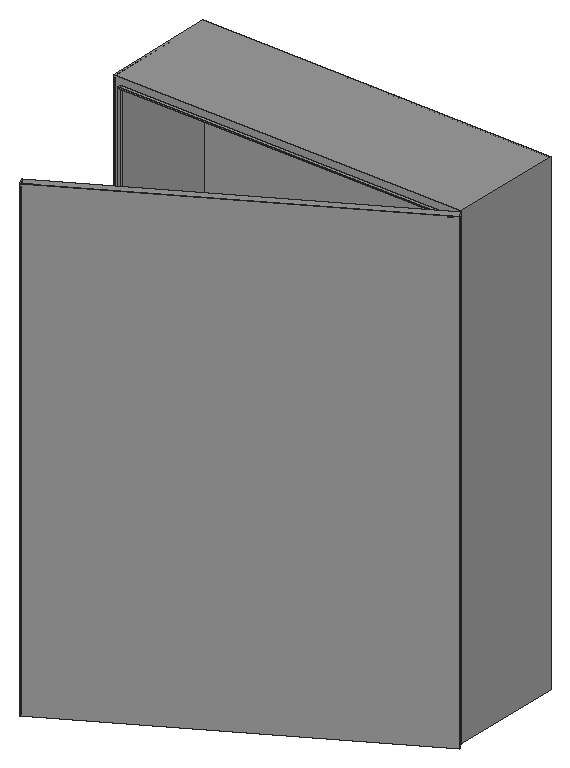
Revit family "Hager-Univers-IP55-D275-H1100-Cl.I-Steel_encl-NoHosted-PT-pt", category Electrical Equipment, Revit 2020
Family settings
  Panel Configuration = Two Columns, Circuits Across
  Round Connector Dimension = Use Diameter
  Part Type = Panelboard
  Work Plane-Based = Yes
  Always vertical = Yes
  Cut with Voids When Loaded = No
  Shared = No
  Room Calculation Point = No
Parameters (values of type "Montagem em superfície (gesso) IP55 L800 A1100 P275  - FR73E")
  Width Control [instance] = if([EF000008 - Largura] > Min Width, [EF000008 - Largura], Min Width)  # 800 mm
  Type Comments = [HG000003 - Gama]  # "Univers"
  Thickness Door [instance] = if([EF009171 - Espessura do material da porta/tampa] > 3 mm, 3 mm, [EF009171 - Espessura do material da porta/tampa])  # 1.5 mm
  Seal Frame Offset [instance] = 17 mm  # constant formula
  Plinth Visibility [instance] = [HG000027 - Altura da Plinta] > 0 mm  # no
  Min Width [instance] = 100 mm  # constant formula
  Min Depth [instance] = (2 * [EF009170 - Espessura do material do invólucro]) + 1 mm  # 4 mm
  Min Height [instance] = 100 mm  # constant formula
  Internal Frame Depth [instance] = (Door System Depth * 0.5)  # 9 mm
  Panel Name [instance] = ""  # (empty or 0)
  Model = ""
  HG000027 - Altura da Plinta = 0 mm
  HG000026 - Instalação no chão = no
  HG000024 - Altura da secção inferior = 600 mm
  HG000023 - Recinto de secção dupla = no
  HG000016 - Visibilidade da porta 3D [instance] = yes
  HG000015 - Visibilidade através da porta [instance] = no
  HG000014 - Porta à direita [instance] = yes
  HG000013 - Porta à esquerda [instance] = not([HG000014 - Porta à direita])  # no
  HG000012 - Ângulo de abertura de porta [instance] = 30.00°
  HG000010 - Portas assimétricas = no
  HG000009 - Porta dupla = no
  HG000006 - Encastrado = no
  HG000004 - Referência do Fabricante = "FR73E"
  HG000003 - Gama = "Univers"
  HG000002 - Com porta ou tampa = yes
  Frame Offset Bottom [instance] = 10 mm  # constant formula
  Frame Offset [instance] = 15 mm  # constant formula
  EF015940 - Tampa com libertação de sobrepressão = no
  EF011959 - Grau de proteção (NEMA) = ""
  EF009554 - Número de aberturas para placas de flange = 6
  EF009212 - Tipo de tampa = "EV000116 - Fechado"
  EF009171 - Espessura do material da porta/tampa = 1.5 mm
  EF009170 - Espessura do material do invólucro = 1.5 mm
  EF008873 - Corrente nominal (In) = 800 A
  EF007800 - Adequado para proteção contra raios = no
  EF006306 - Com fecho = no
  EF006244 - Tampa/porta transparente = no
  EF005474 - Grau de proteção (IP) = "EV006420 - IP55"
  EF004464 - Tipo de porta = "EV002646 - Único"
  EF004427 - Número de módulos = 252
  EF004293 - Força de impacto = "EV008784 - IK10"
  EF003532 - Adequado para uso no exterior = no
  EF002950 - Largura em número de módulos = 24
  EF001613 - Integridade do circuito = "EV000494 - Nenhum"
  EF001596 - Material do corpo = "EV000179 - Aço"
  EF001131 - Profundidade interior = 275 mm
  EF001088 - Extensão possível = yes
  EF000437 - Número de entradas de condutores = 6
  EF000339 - Tipo de difusor = "EV004216 - Porta"
  EF000266 - Número de linhas = 7
  EF000218 - Profundidade incorporada = 0 mm
  EF000118 - Com tampa de montagem = no
  EF000116 - Número RAL = "7035"
  EF000049 - Profundidade = 275 mm
  EF000040 - Altura = 1100 mm
  EF000008 - Largura = 800 mm
  EF000007 - Cor = "EV000270 - Cinzento"
  EF000003 - Método de montagem = "EV000384 - Montagem em superfície (gesso)"
  Door System Leaf Tolerance [instance] = 1.5 mm  # constant formula
  Door System Depth [instance] = 18 mm  # constant formula
  Door Height [instance] = Height Control - [HG000027 - Altura da Plinta]  # 1100 mm
  Description = ""
  Default Elevation = 1219.2 mm
  Connector Offset [instance] = Height Control / 2  # 550 mm
  Manufacturer = "Hager"  # constant formula
  Height Control [instance] = if([EF000040 - Altura] > Min Height, [EF000040 - Altura], Min Height)  # 1100 mm
  Depth Control [instance] = if([EF000049 - Profundidade] > Min Depth, [EF000049 - Profundidade], Min Depth)  # 275 mm
  Bottom Top Plate Trim [instance] = 1.5 mm  # constant formula
  Plinth height Ctrl [instance] = if([HG000027 - Altura da Plinta] > 0 mm, [HG000027 - Altura da Plinta], 12 mm)  # 12 mm
Types (3, lengths in mm): name | Width Control | HG000009 - Porta dupla | HG000004 - Referência do Fabricante | EF009554 - Número de aberturas para placas de flange | EF004464 - Tipo de porta | EF004427 - Número de módulos | EF000437 - Número de entradas de condutores | EF000008 - Largura
  Montagem em superfície (gesso) IP55 L1050 A1100 P275  - FR74E | 1050 | yes | "FR74E" | 8 | "EV003602 - Duplo" | 336 | 8 | 1050
  Montagem em superfície (gesso) IP55 L550 A1100 P275  - FR72E | 550 | no | "FR72E" | 4 | "EV002646 - Único" | 168 | 4 | 550
  Montagem em superfície (gesso) IP55 L800 A1100 P275  - FR73E | 800 | no | "FR73E" | 6 | "EV002646 - Único" | 252 | 6 | 800
Reference planes
  plane 1 "Center (Front/Back)": y = 0
  plane 2: z = 0
  plane 3 "Center (Left/Right)": x = 0
  plane 4: y = 0
  plane 5: y = 0
  plane 6: z = 0
  plane 7: x = -400
  plane 8: x = 400
  plane 9: x = 398.5
  plane 10: x = -398.5
  plane 11: z = 0
  plane 12: z = 1.5
  plane 13: y = -275
  plane 14: y = -1.5
  plane 15: x = 0
  plane 16: y = -257
  plane 17: y = -273.5
  plane 18: y = -255.5
  plane 19: x = -383.5
  plane 20: x = 383.5
  plane 21: z = 11.5
  plane 22: x = -383
  plane 23: x = 383
  plane 24: z = 0
  plane 25: z = 1100
  plane 26: z = 1100
  plane 27: z = 1083.5
  plane 28: z = 1098.5
Forms (mm)
  Extrusion 1, solid, material "Hager_Steel_RAL7035_Light_Grey", detail levels medium+fine
    sketch origin (-208.679, -4572, 0) x (-1, 0, 0) y (0, -1, 0)
      loop
        line (191.321, -4315) -> (-608.679, -4315) -> (-608.679, -4572) -> (191.321, -4572) -> (191.321, -4315)
    from 0 to 1100
  Extrusion 2, void
    sketch origin (-350.771, -275, 1219.2) x (1, 0, 0) y (0, 0, 1)
      loop
        line (-47.729, -120.7) -> (-47.729, -1217.7) -> (749.271, -1217.7) -> (749.271, -120.7) -> (-47.729, -120.7)
    from -19.5 to -273.5
  Extrusion 3, void
    sketch origin (-290.084, -257, 1219.2) x (1, 0, 0) y (0, 0, 1)
      loop
        line (-93.416, -1207.7) -> (673.584, -1207.7) -> (673.584, -135.7) -> (-93.416, -135.7) -> (-93.416, -1207.7)
    from 0 to -1.5
  Extrusion 4, solid, material "Hager_Steel_RAL7035_Light_Grey", visible <- "Plinth Visibility", detail levels medium+fine
    sketch origin (0, 0, 0) x (1, 0, 0) y (0, 1, 0)
      loop
        line (-400, 0) -> (-400, -257) -> (400, -257) -> (400, 0) -> (-400, 0)
    from 0 to 12 <- "Plinth height Ctrl"
  Extrusion 5, solid, material "Hager_Steel_RAL7035_Light_Grey", detail levels coarse
    sketch origin (0, 0, 0) x (1, 0, 0) y (0, 1, 0)
      loop
        line (-400, 0) -> (-400, -275) -> (400, -275) -> (400, 0) -> (-400, 0)
    from 0 to 1100 <- "Height Control"
  Sweep 6, void
    path in 3D
      loop
        line (-400, -257, 12) -> (400, -257, 12) -> (400, 0, 12) -> (-400, 0, 12) -> (-400, -257, 12)
    profile origin (-400, -128.5, 12) x (1, 0, 0) y (0, 0, 1)
      loop
        line (0, 0) -> (0, -1.5) -> (1.5, -1.5)
        arc (1.5, -1.5) -> (1.061, -0.439) -> (0, 0) r 1.5
  Extrusion 7, solid, material "Hager_Steel_RAL7035_Light_Grey", detail levels fine
    sketch origin (-400, -257, 0) x (1, 0, 0) y (0, 0, 1)
      loop
        line (16.5, 11.5) -> (783.5, 11.5) -> (783.5, 1083.5) -> (16.5, 1083.5) -> (16.5, 11.5)
      loop
        line (15, 10) -> (785, 10) -> (785, 1085) -> (15, 1085) -> (15, 10)
    from 0 to 9 <- "Internal Frame Depth"
Cuts and joins
  Extrusion 2, Extrusion 3 cuts Extrusion 1
  Sweep 6 cuts Extrusion 4
Lines and regions (mm)
  Masking region 1
    outline origin (0, 0, 0) x (1, 0, 0) y (0, 1, 0)
      loop
        line (-400, 0) -> (-400, -275) -> (400, -275) -> (400, 0) -> (-400, 0)
  Masking region 2, detail levels coarse
    outline origin (-290.084, -257, 1219.2) x (-1, 0, 0) y (0, 0, 1)
      loop
        line (-690.084, -1219.2) -> (109.916, -1219.2) -> (109.916, -119.2) -> (-690.084, -119.2) -> (-690.084, -1219.2)
  Masking region 3, detail levels coarse
    outline origin (0, 0, 0) x (0, 1, 0) y (0, 0, 1)
      loop
        line (0, 0) -> (0, 1100) -> (-275, 1100) -> (-275, 0) -> (0, 0)
  Masking region 4, visible <- "Plinth Visibility", detail levels medium+fine
    outline origin (0, 0, 0) x (0, 1, 0) y (0, 0, 1)
      loop
        line (-1.5, 12) -> (-255.5, 12)
        arc (-255.5, 12) -> (-255.939, 10.939) -> (-257, 10.5) r 1.5
        line (-257, 10.5) -> (-257, 0) -> (0, 0) -> (0, 10.5)
        arc (0, 10.5) -> (-1.061, 10.939) -> (-1.5, 12) r 1.5
  Masking region 5, detail levels medium+fine
    outline origin (0, 0, 594.038) x (0, 1, 0) y (0, 0, 1)
      loop
        line (0, -594.038) -> (0, 505.962) -> (-257, 505.962) -> (-257, -594.038) -> (0, -594.038)
  Masking region 6, detail levels medium+fine
    outline origin (-359.7, -257, 1211.883) x (-1, 0, 0) y (0, 0, 1)
      loop
        line (-759.7, -1211.883) -> (40.3, -1211.883) -> (40.3, -111.883) -> (-759.7, -111.883) -> (-759.7, -1211.883)
  Masking region 7, visible <- "Plinth Visibility", detail levels medium+fine
    outline origin (-320.334, -257, 1041.368) x (-1, 0, 0) y (0, 0, 1)
      loop
        line (-720.334, -1041.368) -> (79.666, -1041.368) -> (79.666, -1030.868)
        arc (79.666, -1030.868) -> (78.606, -1030.429) -> (78.166, -1029.368) r 1.5
        line (78.166, -1029.368) -> (-718.834, -1029.368)
        arc (-718.834, -1029.368) -> (-719.273, -1030.429) -> (-720.334, -1030.868) r 1.5
        line (-720.334, -1030.868) -> (-720.334, -1041.368)
  sketch lines
    curve 1: line (-400, 0, 12) -> (-400, -257, 12)
    curve 2: line (-400, -257, 12) -> (400, -257, 12)
    curve 3: line (400, 0, 12) -> (-400, 0, 12)
    curve 4: line (400, -257, 12) -> (400, 0, 12)
Dimensions and locks
  locked: plane 1 "Center (Front/Back)" to plane 5
  "EF009170 - Espessura do material do invólucro": plane 7 to plane 10
  "EF009170 - Espessura do material do invólucro": plane 8 to plane 9
  equal spacing: plane 7, plane 3 "Center (Left/Right)", plane 8
  "Width Control": plane 7 to plane 8
  "Depth Control": plane 4 to plane 13
  "EF009170 - Espessura do material do invólucro": plane 4 to plane 14
  "Height Control": plane 25 to level
  "HG000027 - Altura da Plinta": plane 11 to level
  "EF009170 - Espessura do material do invólucro": plane 12 to plane 11
  "EF009170 - Espessura do material do invólucro": plane 17 to plane 13
  "EF009170 - Espessura do material do invólucro": plane 18 to plane 16
  "Frame Offset Bottom": plane 21 to plane 12
  "Frame Offset": plane 10 to plane 19
  "Frame Offset": plane 9 to plane 20
  "Door System Depth": plane 16 to plane 13
  "Seal Frame Offset": plane 7 to plane 22
  "Seal Frame Offset": plane 8 to plane 23
  "EF009170 - Espessura do material do invólucro": plane 26 to plane 28
  "Frame Offset": plane 28 to plane 27
  "Connector Offset": plane 2 to connector elem
  "Bottom Top Plate Trim": profile plane to Sweep 6 sketch curve
  "Bottom Top Plate Trim": Sweep 6 sketch curve to Sweep 6 sketch curve
  "Plinth height Ctrl": Masking region 4 sketch curve to level
  "Plinth height Ctrl": Masking region 7 sketch curve to level
  "Thickness Door": Extrusion 7 sketch curve to Extrusion 7 sketch curve  (x4)
  "Bottom Top Plate Trim": radius of Sweep 6 sketch curve
  "Bottom Top Plate Trim": radius of Masking region 4 sketch curve  (x2)
  "Bottom Top Plate Trim": radius of Masking region 7 sketch curve  (x2)
  aligned and locked: Extrusion 2 sketch curve to plane 12
  aligned and locked: Extrusion 2 sketch curve to plane 9
  aligned and locked: Extrusion 2 sketch curve to plane 10
  aligned and locked: Extrusion 2 to plane 14
  aligned and locked: Extrusion 1 sketch curve to plane 4
  aligned and locked: plane 8 to Extrusion 1 sketch curve
  aligned and locked: plane 7 to Extrusion 1 sketch curve
  aligned and locked: Extrusion 2 to plane 18
  aligned and locked: Extrusion 3 sketch curve to plane 19
  aligned and locked: plane 20 to Extrusion 3 sketch curve
  aligned and locked: Extrusion 3 to Extrusion 2
  aligned and locked: Extrusion 3 sketch curve to plane 21
  aligned and locked: plane 3 "Center (Left/Right)" to nested 1
  aligned and locked: Extrusion 1 sketch curve to plane 16
  aligned and locked: Extrusion 4 sketch curve to cut or joined group of Extrusion 1, Extrusion 2, Extrusion 3
  aligned and locked: Masking region 1 sketch curve to plane 7
  aligned and locked: Masking region 1 sketch curve to plane 5
  aligned and locked: Masking region 1 sketch curve to plane 8
  aligned and locked: Masking region 2 sketch curve to level
  aligned and locked: level to Masking region 3 sketch curve
  aligned and locked: plane 1 "Center (Front/Back)" to Masking region 3 sketch curve
  aligned and locked: plane 13 to Masking region 3 sketch curve
  aligned and locked: plane 5 to Masking region 4 sketch curve
  aligned and locked: Masking region 2 sketch curve to plane 8
  aligned and locked: Masking region 2 sketch curve to plane 7
  aligned and locked: plane 7 to nested 2
  aligned and locked: nested 2 to plane 5
  aligned and locked: plane 5 to Masking region 5 sketch curve
  aligned and locked: plane 26 to Masking region 5 sketch curve
  aligned and locked: Extrusion 5 sketch curve to plane 8
  aligned and locked: Extrusion 5 sketch curve to plane 7
  aligned and locked: Extrusion 5 sketch curve to plane 5
  aligned and locked: Extrusion 3 sketch curve to plane 27
  aligned and locked: Extrusion 2 sketch curve to plane 28
  aligned and locked: Masking region 2 to plane 25
  aligned and locked: Extrusion 4 to plane 16
  aligned and locked: profile plane to Sweep 6 sketch curve
  aligned and locked: Masking region 5 sketch curve to plane 24
  aligned and locked: level to Masking region 4 sketch curve
  aligned and locked: Masking region 1 to plane 13
  aligned and locked: nested 1 to plane 16
  aligned and locked: Masking region 3 to plane 25
  aligned and locked: plane 16 to Masking region 4 sketch curve
  aligned and locked: Masking region 5 sketch curve to plane 16
  aligned and locked: plane 24 to plane 11
  aligned and locked: plane 26 to plane 25
  aligned and locked: plane 26 to cut or joined group of Extrusion 1, Extrusion 2, Extrusion 3
  aligned and locked: nested 1 to plane 24
  aligned and locked: Extrusion 1 to Extrusion 3
  aligned and locked: Masking region 6 sketch curve to plane 8
  aligned and locked: Masking region 6 sketch curve to plane 24
  aligned and locked: Masking region 6 sketch curve to plane 7
  aligned and locked: Masking region 6 sketch curve to plane 26
  aligned and locked: Masking region 7 sketch curve to plane 7
  aligned and locked: level to Masking region 7 sketch curve
  aligned and locked: Masking region 7 sketch curve to plane 8
  aligned and locked: Extrusion 7 sketch curve to cut or joined group of Extrusion 1, Extrusion 2, Extrusion 3  (x4)
Automatic sketch dimensions
  plane 19 to Extrusion 3 sketch curve = 0 mm
  Extrusion 3 sketch curve to plane 20 = 0 mm
  Extrusion 3 sketch curve to plane 21 = 0 mm
  Extrusion 4 sketch curve to plane 7 = 0 mm
  Extrusion 4 sketch curve to plane 8 = 0 mm
  Extrusion 4 sketch curve to plane 16 = 0 mm
  Masking region 1 sketch curve to plane 13 = 0 mm
  Masking region 2 sketch curve to plane 25 = 0 mm
  Masking region 3 sketch curve to plane 25 = 0 mm
  Extrusion 5 sketch curve to plane 13 = 0 mm
  profile plane to Sweep 6 sketch curve = 0 mm
Nested families
  nested 1: "EC000058_Univers_Door" at (0, -257, 0), Double <- "HG000009 - Porta dupla", Transparent <- "EF006244 - Tampa/porta transparente", Angle <- "HG000012 - Ângulo de abertura de porta", Door_Right <- "HG000014 - Porta à direita", Assymetrical <- "HG000010 - Portas assimétricas", Door <- "HG000002 - Com porta ou tampa", Width_Ctrl <- "Width Control", 3d_Door <- "HG000016 - Visibilidade da porta 3D", Clearance <- "HG000015 - Visibilidade através da porta", Door_Left <- "HG000013 - Porta à esquerda", Width <- "Width Control", Door_Depth <- "Door System Depth", Leaf_Tolerance <- "Door System Leaf Tolerance", Height <- "Door Height", Lock_Visibility <- "EF006306 - Com fecho", Thickness <- "Thickness Door", type "EC000058_Univers_Door", detail levels medium+fine
    with min_wh 4 mm, Width_Ctrl 800 mm, Width 800 mm, Transparent no, Thickness 1.5 mm, Seal_Material Hager_Rubber, Lock_Visibility no, Lock_Material Hager_Plastic_RAL9005_Jet_Black, Leaf_Width 800 mm, Leaf_Tolerance_External_Sides 0 mm, Leaf_Tolerance 1.5 mm, Leaf_Offset 0 mm, Leaf_Height 1097 mm, Leaf_2_Width 800 mm, Leaf_2_Offset 400 mm, Leaf_1_Width 800 mm, Leaf_1_Offset 400 mm, Height_Ctrl 1100 mm, Height 1100 mm, Glass_Material Hager_Glass, Double_Clearance_Ctrl no, Double no, Door_Right_Ctrl yes, Door_Right yes, Door_Material Hager_Steel_RAL7035_Light_Grey, Door_Left_Ctrl no, Door_Left no, Door_Depth 18 mm, Door yes, Clearance_Material Hager_Clearance, Clearance_Depth 800 mm, Clearance_Ctrl no, Clearance no, Assymetrical no, Angle 30.00°, 3d_Door yes
  nested 2: "Hager_Enclosure_Symbol" at (-400, 0, 0), Height <- "Depth Control", Width <- "Width Control", type "Hager_Enclosure_Symbol"
    with Width_Ctrl 800 mm, Width 800 mm, Height_Ctrl 275 mm, Height 275 mm, A_Width_Int 18.047 mm, A_Width 216.562 mm, A_Height_Ctrl 240.625 mm, A_Height 240.625 mm
Connectors
  electrical at (0, 0, 550)
    settings: on plane 1 "Center (Front/Back)", index 1, voltage 0 V, apparent load 0 VA, apparent load phase1 0 VA, apparent load phase2 0 VA, apparent load phase3 0 VA, power factor 1, load classification "Other", number of poles 1, system type 30, power factor state 1, is connector primary yes, connector utility no, sub classification motor no, connector description ""
Definition of nested family "EC000058_Univers_Door"
  Parameters (values of type "EC000058_Univers_Door")
    min_wh [instance] = (2 * Thickness) + 1 mm  # 11 mm
    Width_Ctrl [instance] = 400 mm
    Width [instance] = 500 mm
    Transparent [instance] = yes
    Thickness [instance] = 5 mm
    Seal_Material [instance] = none
    Lock_Visibility [instance] = yes
    Lock_Material [instance] = none
    Leaf_Width [instance] = if((Width_Ctrl - 2 * Leaf_Tolerance_External_Sides) > 0 mm, (Width_Ctrl - 2 * Leaf_Tolerance_External_Sides), min_wh)  # 400 mm
    Leaf_Tolerance_External_Sides [instance] = 0 mm  # constant formula
    Leaf_Tolerance [instance] = 1.5 mm
    Leaf_Offset [instance] = 0 mm  # constant formula
    Leaf_Height [instance] = if((Height_Ctrl - 2 * Leaf_Tolerance) > 0 mm, (Height_Ctrl - 2 * Leaf_Tolerance), min_wh)  # 497 mm
    Leaf_2_Width [instance] = if(and(and(Double, Assymetrical), Door_Left), (Leaf_Width / 3) - (Leaf_Tolerance / 2), if(and(and(Double, Assymetrical), Door_Right), (Leaf_Width / 3) * 2 - (Leaf_Tolerance / 2), if(and(Double, not(Assymetrical)), (Leaf_Width / 2) - Leaf_Tolerance, Leaf_Width)))  # 400 mm
    Leaf_2_Offset [instance] = if(and(Double, Assymetrical), Leaf_2_Width / 2, if(and(Double, not(Assymetrical)), Leaf_Width / 4, Leaf_Width / 2))  # 200 mm
    Leaf_1_Width [instance] = if(and(and(Double, Assymetrical), Door_Right), (Leaf_Width / 3) - (Leaf_Tolerance / 2), if(and(and(Double, Assymetrical), Door_Left), (Width / 3) * 2 - (Leaf_Tolerance / 2), if(and(Double, not(Assymetrical)), (Leaf_Width / 2) - Leaf_Tolerance, Leaf_Width)))  # 400 mm
    Leaf_1_Offset [instance] = if(and(Double, Assymetrical), Leaf_1_Width / 2, if(and(Double, not(Assymetrical)), Leaf_Width / 4, Leaf_Width / 2))  # 200 mm
    Height_Ctrl [instance] = if(Height > min_wh, Height, min_wh)  # 500 mm
    Height [instance] = 500 mm
    Glass_Material [instance] = none
    Double_Clearance_Ctrl [instance] = and(Double, Clearance)  # no
    Double [instance] = no
    Door_Right_Ctrl [instance] = and(or(Door_Right, Double), Door)  # yes
    Door_Right [instance] = yes
    Door_Material [instance] = none
    Door_Left_Ctrl [instance] = and(or(Door_Left, Double), Door)  # no
    Door_Left [instance] = no
    Door_Depth [instance] = 30 mm
    Door [instance] = yes
    Default Elevation = 1219.2 mm
    Clearance_Material [instance] = none
    Clearance_Depth [instance] = if(Leaf_1_Width > Leaf_2_Width, Leaf_1_Width, Leaf_2_Width)  # 400 mm
    Clearance_Ctrl [instance] = and(not(Double), Clearance)  # yes
    Clearance [instance] = yes
    Assymetrical [instance] = yes
    Angle [instance] = 30.00°
    3d_Door [instance] = yes
  Reference planes
    plane 1 "Center (Front/Back)": y = 0
    plane 2 "Bottom": z = 0
    plane 3 "Center (Left/Right)": x = 0
    plane 4: z = 500
    plane 5: x = -200
    plane 6: x = 200
    plane 7: z = 500
    plane 8: x = -200
    plane 9: z = 0
    plane 10: x = 200
    plane 11: y = 0
    plane 12: z = 1.5
    plane 13: x = -600
    plane 14: y = -400
    plane 15: x = 600
    plane 16: x = 0
    plane 17: x = 0
    plane 18: x = -200
    plane 19: x = 200
    plane 20: z = 498.5
  Forms (mm)
    Extrusion 1, solid, material <- "Clearance_Material", visible <- "Double_Clearance_Ctrl"
      sketch origin (1200, 0, 0) x (1, 0, 0) y (0, 0, -1)
        loop
          line (-1800, -498.5) -> (-600, -498.5) -> (-600, 0) -> (-1800, 0) -> (-1800, -498.5)
      from 0 to -400
  Dimensions and locks
    equal spacing: plane 5, plane 3 "Center (Left/Right)", plane 6
    "Width_Ctrl": plane 5 to plane 6
    "Leaf_Offset": plane 5 to plane 8
    "Leaf_Offset": plane 6 to plane 10
    "Leaf_Offset": plane 9 to level
    "Leaf_Offset": plane 4 to plane 7
    "Height_Ctrl": plane 4 to level
    "Leaf_Tolerance": plane 12 to plane 9
    locked: plane 11 to plane 1 "Center (Front/Back)"
    "Leaf_1_Offset": plane 18 to plane 16
    "Leaf_2_Offset": plane 17 to plane 19
    "Leaf_1_Width": plane 13 to plane 8
    "Leaf_2_Width": plane 10 to plane 15
    "Clearance_Depth": plane 14 to plane 1 "Center (Front/Back)"
    "Leaf_Tolerance_External_Sides": plane 8 to plane 18
    "Leaf_Tolerance_External_Sides": plane 19 to plane 10
    "Leaf_Tolerance": plane 7 to plane 20
    aligned and locked: level to plane 2 "Bottom"
    aligned and locked: nested 1 to plane 16
    aligned and locked: nested 2 to plane 17
    aligned and locked: Extrusion 1 to plane 13
    aligned and locked: plane 15 to Extrusion 1
    aligned and locked: Extrusion 1 to plane 14
    aligned and locked: plane 12 to nested 1
    aligned and locked: nested 2 to plane 12
    aligned and locked: Extrusion 1 to plane 11
    aligned and locked: plane 20 to Extrusion 1
    aligned and locked: nested 2 to plane 11
    aligned and locked: nested 1 to plane 11
  Automatic sketch dimensions
    Extrusion 1 sketch curve to level = 0 mm
    plane 5 to Extrusion 1 sketch curve = 400 mm
    plane 6 to Extrusion 1 sketch curve = 400 mm
    Extrusion 1 sketch curve to plane 4 = 1.5 mm
  Nested families
    nested 1: "EC000058_Univers_Door_Leaf" at (0, 0, 1.5), Width <- "Leaf_1_Width", visible <- "Door_Left_Ctrl", Leaf_Height <- "Leaf_Height", Angle <- "Angle", 3d_Door <- "3d_Door", Transparent <- "Transparent", Clearance Material <- "Clearance_Material", Clearance <- "Clearance_Ctrl", Door_Material <- "Door_Material", Glass_Material <- "Glass_Material", Door_Depth <- "Door_Depth", Lock_Material <- "Lock_Material", Seal_Material <- "Seal_Material", Lock_Visibility <- "Lock_Visibility", Thickness <- "Thickness", type "EC000058_Univers_Door_Leaf"
      with Width 400 mm, Transparent_Glass_Offset 30 mm, Transparent_Ctrl yes, Transparent yes, Thickness 5 mm, Standard no, Seal_Material none, Seal_D2 8 mm, Seal_D1 1 mm, Offset_Internal_Frame 10 mm, Lock_Width 20 mm, Lock_Visibility_3d yes, Lock_Visibility yes, Lock_Thickness_3 3 mm, Lock_Thickness_2 1 mm, Lock_Thickness_1 3 mm, Lock_Radius_Offset_2 16 mm, Lock_Radius_Offset_1 15 mm, Lock_Radius_2 5 mm, Lock_Radius 6 mm, Lock_Offset 5 mm, Lock_Material none, Lock_Height 80 mm, Lock_Cover_Top_Offset_2d 17 mm, Lock_Cover_Height -65 mm, Leaf_Height 497 mm, Internal_Seal_Thickness 8 mm, Internal_Seal_Depth_2 4.5 mm, Internal_Frame_Depth 25 mm, Glass_Thickness -1 mm, Glass_Offset -2 mm, Glass_Material none, Door_Material none, Door_Depth 30 mm, Clearance Material none, Clearance yes, Angle_Ctrl 30.00°, Angle 30.00°, 3d_Door yes
    nested 2: "EC000058_Univers_Door_Leaf" at (0, 0, 1.5) x (-1, 0, 0) z (0, 0, 1), Width <- "Leaf_2_Width", visible <- "Door_Right_Ctrl", Leaf_Height <- "Leaf_Height", Angle <- "Angle", 3d_Door <- "3d_Door", Transparent <- "Transparent", Clearance Material <- "Clearance_Material", Clearance <- "Clearance_Ctrl", Door_Material <- "Door_Material", Glass_Material <- "Glass_Material", Door_Depth <- "Door_Depth", Lock_Material <- "Lock_Material", Seal_Material <- "Seal_Material", Lock_Visibility <- "Lock_Visibility", Thickness <- "Thickness", type "EC000058_Univers_Door_Leaf"
      with Width 400 mm, Transparent_Glass_Offset 30 mm, Transparent_Ctrl yes, Transparent yes, Thickness 5 mm, Standard no, Seal_Material none, Seal_D2 8 mm, Seal_D1 1 mm, Offset_Internal_Frame 10 mm, Lock_Width 20 mm, Lock_Visibility_3d yes, Lock_Visibility yes, Lock_Thickness_3 3 mm, Lock_Thickness_2 1 mm, Lock_Thickness_1 3 mm, Lock_Radius_Offset_2 16 mm, Lock_Radius_Offset_1 15 mm, Lock_Radius_2 5 mm, Lock_Radius 6 mm, Lock_Offset 5 mm, Lock_Material none, Lock_Height 80 mm, Lock_Cover_Top_Offset_2d 17 mm, Lock_Cover_Height -65 mm, Leaf_Height 497 mm, Internal_Seal_Thickness 8 mm, Internal_Seal_Depth_2 4.5 mm, Internal_Frame_Depth 25 mm, Glass_Thickness -1 mm, Glass_Offset -2 mm, Glass_Material none, Door_Material none, Door_Depth 30 mm, Clearance Material none, Clearance yes, Angle_Ctrl 30.00°, Angle 30.00°, 3d_Door yes
  Definition of nested family "EC000058_Univers_Door_Leaf"
    Parameters (values of type "EC000058_Univers_Door_Leaf")
      Width [instance] = 2000 mm
      Transparent_Glass_Offset [instance] = 30 mm
      Transparent_Ctrl [instance] = and(Transparent, [3d_Door])  # yes
      Transparent [instance] = yes
      Thickness [instance] = 5 mm
      Standard [instance] = and(not(Transparent), [3d_Door])  # no
      Seal_Material [instance] = none
      Seal_D2 [instance] = 8 mm  # constant formula
      Seal_D1 [instance] = 1 mm  # constant formula
      Offset_Internal_Frame [instance] = 10 mm  # constant formula
      Lock_Width [instance] = 20 mm  # constant formula
      Lock_Visibility_3d [instance] = and(Lock_Visibility, [3d_Door])  # yes
      Lock_Visibility [instance] = yes
      Lock_Thickness_3 [instance] = 3 mm  # constant formula
      Lock_Thickness_2 [instance] = 1 mm  # constant formula
      Lock_Thickness_1 [instance] = 3 mm  # constant formula
      Lock_Radius_Offset_2 [instance] = Lock_Radius_Offset_1 + 1 mm  # 16 mm
      Lock_Radius_Offset_1 [instance] = 15 mm  # constant formula
      Lock_Radius_2 [instance] = Lock_Radius - 1 mm  # 5 mm
      Lock_Radius [instance] = 6 mm  # constant formula
      Lock_Offset [instance] = 5 mm  # constant formula
      Lock_Material [instance] = none
      Lock_Height [instance] = 80 mm  # constant formula
      Lock_Cover_Top_Offset_2d [instance] = Lock_Radius_Offset_2 + 1 mm  # 17 mm
      Lock_Cover_Height [instance] = -(Lock_Height - Lock_Radius_Offset_1)  # -65 mm
      Leaf_Height [instance] = 2720.336 mm
      Internal_Seal_Thickness [instance] = 8 mm  # constant formula
      Internal_Seal_Depth_2 [instance] = 4.5 mm  # constant formula
      Internal_Frame_Depth [instance] = if(Door_Depth - Thickness > 5 mm, Door_Depth - Thickness, 5 mm)  # 25 mm
      Glass_Thickness [instance] = if(Thickness > 15 mm, Glass_Offset + 10 mm, -1 mm)  # -1 mm
      Glass_Offset [instance] = if(Thickness > 15 mm, -(Thickness + 10 mm) / 2, -2 mm)  # -2 mm
      Glass_Material [instance] = none
      Door_Material [instance] = none
      Door_Depth [instance] = 30 mm
      Default Elevation = 0 mm
      Clearance Material [instance] = none
      Clearance [instance] = yes
      Angle_Ctrl [instance] = if(Angle > 180.00°, 180.00°, Angle)  # 90.00°
      Angle [instance] = 90.00°
      3d_Door [instance] = yes
    Reference planes
      plane 1 "Center (Front/Back)": y = 0
      plane 2: z = 0
      plane 3 "Center (Left/Right)": x = 0
      plane 4: y = 2000
      plane 5: x = -1000
      plane 6: x = 1000
      plane 7: x = -3000
      plane 8: z = 2720.336
      plane 9: z = 30
      plane 10: z = 2690.336
      plane 11: x = 970
      plane 12: x = -970
      plane 13: y = -3
      plane 14: z = 107.833
      plane 15: y = -5
      plane 16: y = -223.314
      plane 17: x = -1000
      plane 18: z = 1360.168
      plane 19: y = 30
    Forms (mm)
      Extrusion 1, solid, material <- "Clearance Material", visible <- "Clearance"
        sketch origin (0, 0, 0) x (1, 0, 0) y (0, 0, 1)
          loop
            line (-3000, 2720.336) -> (-3000, 0) -> (1000, 0) -> (1000, 2720.336) -> (-3000, 2720.336)
        from 0 to -2000
      Extrusion 2, solid, material <- "Door_Material", visible <- "Standard", detail levels medium+fine
        sketch origin (-1000, 0, 0) x (0, 1, 0) y (-1, 0, 0)
          loop
            line (0, 30) -> (0, 25) -> (2000, 25) -> (2000, 30) -> (0, 30)
        from 0 to 2720.336 <- "Leaf_Height"
      Extrusion 3, solid, material <- "Door_Material", visible <- "Transparent_Ctrl", detail levels medium+fine
        sketch origin (-1000, 0, 0) x (0, 1, 0) y (-1, 0, 0)
          loop
            line (0, 25) -> (2000, 25) -> (2000, 30) -> (0, 30) -> (0, 25)
        from 0 to 2720.336 <- "Leaf_Height"
      Extrusion 4, void
        sketch origin (-1025, 2000, 0) x (0, 1, 0) y (0, 0, -1)
          loop
            line (-30, -2690.336) -> (-30, -30) -> (-1970, -30) -> (-1970, -2690.336) -> (-30, -2690.336)
        from 0 to 5 <- "Thickness"
      Sweep 5, solid, material <- "Seal_Material", visible <- "Transparent_Ctrl", detail levels fine
        path in 3D
          loop
            line (-1025, 30, 30) -> (-1025, 30, 2690.336) -> (-1025, 1970, 2690.336) -> (-1025, 1970, 30) -> (-1025, 30, 30)
        profile origin (-1025, 1000, 30) x (1, 0, 0) y (0, 0, 1)
          loop
            line (0, 0) -> (0, -8) -> (1, -8) -> (1, 0) -> (0, 0)
      Extrusion 6, solid, material <- "Glass_Material", visible <- "Transparent_Ctrl", detail levels medium+fine
        sketch origin (-1030, 0, 0) x (0, 1, 0) y (0, 0, -1)
          loop
            line (1970, -2690.336) -> (1970, -30) -> (30, -30) -> (30, -2690.336) -> (1970, -2690.336)
        from -2 <- "Glass_Offset" to -1 <- "Glass_Thickness"
      Extrusion 7, solid, material <- "Door_Material", visible <- "3d_Door", detail levels medium+fine
        sketch origin (-1025, 2000, 0) x (0, -1, 0) y (0, 0, -1)
          loop
            line (0, -2720.336) -> (2000, -2720.336) -> (2000, 0) -> (0, 0) -> (0, -2720.336)
          loop
            line (1995, -5) -> (5, -5) -> (5, -2715.336) -> (1995, -2715.336) -> (1995, -5)
        from 0 to 25 <- "Internal_Frame_Depth"
      Sweep 8, solid, material <- "Seal_Material", visible <- "Transparent_Ctrl", detail levels fine
        path in 3D
          loop
            line (-1025, 0, 0) -> (-1025, 2000, 0) -> (-1025, 2000, 2720.336) -> (-1025, 0, 2720.336) -> (-1025, 0, 0)
        profile origin (-1025, 0, 1360.168) x (1, 0, 0) y (0, 1, 0)
          loop
            line (0, 10) -> (2.975, 10)
            arc (2.975, 10) -> (4.053, 10.447) -> (4.5, 11.525) r 1.525
            line (4.5, 11.525) -> (4.5, 16.527)
            arc (4.5, 16.527) -> (4.069, 17.569) -> (3.027, 18) r 1.473
            line (3.027, 18) -> (0, 18) -> (0, 10)
      Extrusion 9, solid, material <- "Lock_Material", visible <- "Lock_Visibility_3d", detail levels fine
        sketch origin (-1030, 0, 0) x (0, 1, 0) y (0, 0, -1)
          loop
            arc (1993.5, -1400.168) -> (1994.561, -1399.729) -> (1995, -1398.668) r 1.5
            line (1995, -1398.668) -> (1995, -1320.168) -> (1975, -1320.168) -> (1975, -1398.668)
            arc (1975, -1398.668) -> (1975.439, -1399.729) -> (1976.5, -1400.168) r 1.5
            line (1976.5, -1400.168) -> (1993.5, -1400.168)
        from 3 <- "Lock_Thickness_1" to 0
      Blend 10, solid, material <- "Lock_Material", visible <- "Lock_Visibility_3d", detail levels fine
        base sketch origin (-1033, 0, 0) x (0, 1, 0) y (0, 0, -1)
          loop
            line (1975, -1320.168) -> (1975, -1398.668)
            arc (1975, -1398.668) -> (1975.439, -1399.729) -> (1976.5, -1400.168) r 1.5
            line (1976.5, -1400.168) -> (1993.5, -1400.168)
            arc (1993.5, -1400.168) -> (1994.561, -1399.729) -> (1995, -1398.668) r 1.5
            line (1995, -1398.668) -> (1995, -1320.168) -> (1975, -1320.168)
        top sketch origin (-1033, 0, 0) x (0, 1, 0) y (0, 0, -1)
          loop
            line (1976, -1320.168) -> (1976, -1398.668)
            arc (1976, -1398.668) -> (1976.146, -1399.022) -> (1976.5, -1399.168) r 0.5
            line (1976.5, -1399.168) -> (1993.5, -1399.168)
            arc (1993.5, -1399.168) -> (1993.854, -1399.022) -> (1994, -1398.668) r 0.5
            line (1994, -1398.668) -> (1994, -1320.168) -> (1976, -1320.168)
        from 0 to 1 <- "Lock_Thickness_2"
      Blend 11, solid, material <- "Lock_Material", visible <- "Lock_Visibility_3d", detail levels fine
        base sketch origin (-1034, 0, 0) x (0, 1, 0) y (0, 0, -1)
          loop
            line (1978, -1320.168) -> (1978, -1384.168)
            arc (1978, -1384.168) -> (1985, -1391.168) -> (1992, -1384.168) r 7
            line (1992, -1384.168) -> (1992, -1320.168) -> (1978, -1320.168)
        top sketch origin (-1034, 0, 0) x (0, 1, 0) y (0, 0, -1)
          loop
            line (1991, -1320.168) -> (1979, -1320.168) -> (1979, -1383.168)
            arc (1979, -1383.168) -> (1985, -1389.168) -> (1991, -1383.168) r 6
            line (1991, -1383.168) -> (1991, -1320.168)
        from 0 to 3 <- "Lock_Thickness_3"
      Extrusion 12, solid, material <- "Lock_Material", visible <- "Lock_Visibility_3d", detail levels fine
        sketch origin (-1030, 1975, 1320.168) x (1, 0, 0) y (0, -1, 0)
          loop
            line (-7, -19) -> (-7, -1) -> (0, -1) -> (0, 0) -> (-8, 0) -> (-8, -20) -> (0, -20) -> (0, -19) -> (-7, -19)
        from 0 to -65 <- "Lock_Cover_Height"
      Extrusion 13, void
        sketch origin (-1038, 1995, 1320.168) x (-1, 0, 0) y (0, 0, -1)
          loop
            line (-5, -65) -> (0, -65) -> (-5, -60) -> (-5, -65)
        from 0 to 20 <- "Lock_Width"
      Extrusion 14, void
        sketch origin (-1038, 1975, 1320.168) x (0, -1, 0) y (0, 0, -1)
          loop
            circle (-10, -15.995) r 6
          loop
            circle (-10, -15.995) r 5
        from 0 to 2
      Extrusion 15, solid, material <- "Lock_Material", visible <- "Lock_Visibility_3d", detail levels medium
        sketch origin (-1030, 0, 0) x (0, 1, 0) y (0, 0, -1)
          loop
            arc (1993.5, -1400.168) -> (1994.561, -1399.729) -> (1995, -1398.668) r 1.5
            line (1995, -1398.668) -> (1995, -1320.168) -> (1975, -1320.168) -> (1975, -1398.668)
            arc (1975, -1398.668) -> (1975.439, -1399.729) -> (1976.5, -1400.168) r 1.5
            line (1976.5, -1400.168) -> (1993.5, -1400.168)
        from 8 to 0
    Cuts and joins
      Extrusion 4 cuts Extrusion 3
      Extrusion 13, Extrusion 14 cuts Extrusion 9
      Extrusion 14 cuts Blend 11
      Extrusion 13, Extrusion 14 cuts Extrusion 12
      joined: Extrusion 9, Blend 10, Blend 11, Extrusion 12
      Extrusion 14 cuts Extrusion 15
    Lines and regions (mm)
      Masking region 1, visible <- "Lock_Visibility", detail levels fine
        outline origin (0, 0, 0) x (0, 1, 0) y (0, 0, 1)
          loop
            line (30, 1320.168) -> (33, 1320.168) -> (33, 1400.168) -> (30, 1400.168) -> (30, 1320.168)
      Masking region 2, visible <- "Lock_Visibility", detail levels fine
        outline origin (0, 3.143, 0) x (0, 1, 0) y (0, 0, 1)
          loop
            line (29.857, 1354.168) -> (30.857, 1354.168) -> (30.857, 1366.168) -> (29.857, 1366.168) -> (29.857, 1354.168)
      Masking region 3, detail levels medium+fine
        outline origin (0, 0, 0) x (0, 1, 0) y (0, 0, 1)
          loop
            line (0, 0) -> (30, 0) -> (30, 2720.336) -> (0, 2720.336) -> (0, 0)
      Masking region 4, detail levels medium+fine
        outline origin (0, 0, 0) x (1, 0, 0) y (0, 0, 1)
          loop
            line (-1000, 2720.336) -> (-1000, 0) -> (1000, 0) -> (1000, 2720.336) -> (-1000, 2720.336)
      Masking region 5, visible <- "Lock_Visibility", detail levels fine
        outline origin (-47.116, 0, 0) x (1, 0, 0) y (0, 0, 1)
          loop
            arc (1024.616, 1399.168) -> (1023.556, 1398.729) -> (1023.116, 1397.668) r 1.5
            line (1023.116, 1397.668) -> (1023.116, 1320.168) -> (1041.116, 1320.168) -> (1041.116, 1397.668)
            arc (1041.116, 1397.668) -> (1040.677, 1398.729) -> (1039.616, 1399.168) r 1.5
            line (1039.616, 1399.168) -> (1024.616, 1399.168)
      Masking region 6, visible <- "Lock_Visibility", detail levels medium+fine
        outline origin (-25, 0, 0) x (1, 0, 0) y (0, 0, 1)
          loop
            arc (1001.5, 1400.168) -> (1000.439, 1399.729) -> (1000, 1398.668) r 1.5
            line (1000, 1398.668) -> (1000, 1320.168) -> (1020, 1320.168) -> (1020, 1398.668)
            arc (1020, 1398.668) -> (1019.561, 1399.729) -> (1018.5, 1400.168) r 1.5
            line (1018.5, 1400.168) -> (1001.5, 1400.168)
      Masking region 7, visible <- "Lock_Visibility", detail levels fine
        outline origin (-73.735, 0, 0) x (1, 0, 0) y (0, 0, 1)
          loop
            line (1051.735, 1382.168) -> (1065.735, 1382.168) -> (1065.735, 1384.168)
            arc (1065.735, 1384.168) -> (1058.735, 1391.168) -> (1051.735, 1384.168) r 7
            line (1051.735, 1384.168) -> (1051.735, 1382.168)
      Masking region 8, visible <- "Lock_Visibility", detail levels fine
        outline origin (-73.735, 0, 0) x (1, 0, 0) y (0, 0, 1)
          loop
            line (1052.735, 1382.168) -> (1064.735, 1382.168) -> (1064.735, 1383.168)
            arc (1064.735, 1383.168) -> (1058.735, 1389.168) -> (1052.735, 1383.168) r 6
            line (1052.735, 1383.168) -> (1052.735, 1382.168)
      Masking region 9, visible <- "Lock_Visibility", detail levels fine
        outline origin (-25, 0, 0) x (1, 0, 0) y (0, 0, 1)
          loop
            line (1020, 1320.168) -> (1020, 1382.168) -> (1000, 1382.168) -> (1000, 1320.168) -> (1020, 1320.168)
      Masking region 10, detail levels medium+fine
        outline origin (0, 0, 0) x (1, 0, 0) y (0, 0, 1)
          loop
            circle (985, 1335.144) r 6
      Masking region 11, detail levels fine
        outline origin (0, 0, 0) x (1, 0, 0) y (0, 0, 1)
          loop
            circle (985, 1335.144) r 5
      Masking region 12, visible <- "Lock_Visibility", detail levels fine
        outline origin (0, 12.767, 0) x (0, 1, 0) y (0, 0, 1)
          loop
            line (20.233, 1320.168) -> (21.233, 1320.168) -> (21.233, 1399.168) -> (20.233, 1400.168) -> (20.233, 1320.168)
      Masking region 13, visible <- "Lock_Visibility", detail levels fine
        outline origin (0, 13.767, -10) x (0, 1, 0) y (0, 0, 1)
          loop
            line (20.233, 1330.168) -> (23.233, 1330.168) -> (23.233, 1399.168) -> (20.233, 1402.168) -> (20.233, 1330.168)
      Masking region 14, visible <- "Lock_Visibility", detail levels fine
        outline origin (0, 12.767, -10) x (0, 1, 0) y (0, 0, 1)
          loop
            line (20.233, 1330.168) -> (25.233, 1330.168) -> (25.233, 1399.305) -> (20.233, 1394.305) -> (20.233, 1330.168)
      Masking region 15, visible <- "Lock_Visibility", detail levels medium
        outline origin (0, 0, 0) x (0, 1, 0) y (0, 0, 1)
          loop
            line (30, 1320.168) -> (38, 1320.168) -> (38, 1400.168) -> (30, 1400.168) -> (30, 1320.168)
      Masking region 16, visible <- "Lock_Visibility", detail levels fine
        outline origin (-1000, 0, 0) x (0, 1, 0) y (-1, 0, 0)
          loop
            line (1975, 30) -> (1995, 30) -> (1995, 38) -> (1975, 38) -> (1975, 30)
          loop
            line (1979, 37) -> (1976, 37) -> (1976, 34) -> (1978, 34) -> (1979, 37)
          loop
            line (1994, 37) -> (1991, 37) -> (1992, 34) -> (1994, 34) -> (1994, 37)
      Masking region 17, visible <- "Lock_Visibility", detail levels medium
        outline origin (-1000, 0, 0) x (0, 1, 0) y (-1, 0, 0)
          loop
            line (1975, 30) -> (1995, 30) -> (1995, 38) -> (1975, 38) -> (1975, 30)
      symbolic lines
        curve 1: line (1000, 0, 0) -> (-3000, 0, 0)
        curve 2: arc (1000, 0, 0) -> (-1000, 2000, 0) -> (-3000, 0, 0) r 2000
        curve 4: line (-1030, 0, 0) -> (-1030, 2000, 0)
      reference lines
        curve 3: line (-1000, 0, 0) -> (-1000, 2000, 0)
      symbolic lines, detail levels medium+fine
        curve 5: line (-1030, 2000, 0) -> (-1025, 2000, 0)
        curve 7: line (-1025, 0, 0) -> (-1030, 0, 0)
        curve 8: line (-1025, 0, 0) -> (-1000, 0, 0)
        curve 9: line (-1000, 0, 0) -> (-1000, 2000, 0)
        curve 10: line (-1000, 2000, 0) -> (-1025, 2000, 0)
      symbolic lines, detail levels fine
        curve 6: line (-1025, 2000, 0) -> (-1025, 0, 0)
      sketch lines
        curve 11: line (-1025, 0, 2720.336) -> (-1025, 0, 0)
        curve 12: line (-1025, 2000, 0) -> (-1025, 0, 0)
        curve 13: line (-1025, 2000, 2720.336) -> (-1025, 2000, 0)
        curve 14: line (-1025, 0, 2720.336) -> (-1025, 2000, 2720.336)
        curve 15: line (-1025, 1970, 30) -> (-1025, 30, 30)
        curve 16: line (-1025, 30, 30) -> (-1025, 30, 2690.336)
        curve 17: line (-1025, 1970, 2690.336) -> (-1025, 1970, 30)
        curve 18: line (-1025, 30, 2690.336) -> (-1025, 1970, 2690.336)
      symbolic lines, visible <- "Transparent", detail levels medium+fine
        curve 19: line (-970, 0, 2690.336) -> (970, 0, 2690.336)
        curve 20: line (-970, 0, 30) -> (-970, 0, 2690.336)
        curve 21: line (970, 0, 30) -> (-970, 0, 30)
        curve 22: line (970, 0, 2690.336) -> (970, 0, 30)
    Dimensions and locks
      "Width": plane 1 "Center (Front/Back)" to plane 4
      equal spacing: plane 5, plane 3 "Center (Left/Right)", plane 6
      "Width": plane 5 to plane 6
      "Width": plane 7 to plane 5
      "Leaf_Height": plane 8 to level
      "Width": curve 5 to curve 3
      "Width": curve 3 to curve 3
      plane 8 to plane 10 = 30 mm
      plane 9 to level = 30 mm
      plane 12 to plane 5 = 30 mm
      plane 6 to plane 11 = 30 mm
      Extrusion 1 to Extrusion 4 sketch curve = 30 mm
      "Transparent_Glass_Offset": curve 3 to Extrusion 4 sketch curve
      "Transparent_Glass_Offset": Extrusion 4 sketch curve to cut or joined group of Extrusion 3, Extrusion 4  (x2)
      cut or joined group of Extrusion 3, Extrusion 4 to Extrusion 6 sketch curve = 30 mm
      "Transparent_Glass_Offset": cut or joined group of Extrusion 3, Extrusion 4 to Extrusion 4 sketch curve
      "Thickness": curve 6 to curve 4
      "Thickness": Extrusion 7 sketch curve to Extrusion 7 sketch curve  (x4)
      "Door_Depth": curve 4 to curve 3
      "Offset_Internal_Frame": profile plane to Sweep 8 sketch curve
      "Internal_Seal_Thickness": Sweep 8 sketch curve to Sweep 8 sketch curve
      "Internal_Seal_Depth_2": profile plane to Sweep 8 sketch curve
      "Seal_D1": profile plane to Sweep 5 sketch curve
      "Seal_D2": profile plane to Sweep 5 sketch curve
      "Thickness": Extrusion 2 sketch curve to Extrusion 2 sketch curve
      equal spacing: Extrusion 9 sketch curve, plane 18, Extrusion 9 sketch curve  (x2)
      equal spacing: Masking region 1 sketch curve, plane 18, Masking region 1 sketch curve
      "Lock_Height": Masking region 1 sketch curve to Masking region 1 sketch curve
      "Lock_Radius": Masking region 2 sketch curve to plane 18 to Masking region 2 sketch curve
      Masking region 2 sketch curve to Masking region 1 = 1 mm
      "Door_Depth": plane 19 to plane 1 "Center (Front/Back)"
      "Lock_Thickness_1": Masking region 1 sketch curve to plane 19
      "Lock_Width": Extrusion 9 sketch curve to Extrusion 9 sketch curve
      "Lock_Height": Extrusion 9 sketch curve to Extrusion 9 sketch curve
      "Lock_Offset": cut or joined group of Extrusion 3, Extrusion 4 to Extrusion 9 sketch curve
      equal spacing: plane 8, plane 18, level
      "Lock_Radius_Offset_1": Blend 11 sketch curve to Blend 10
      locked: Blend 10 to Blend 11 sketch curve at 2  (x2)
      locked: var sketch to Blend 11 sketch curve at 1  (x2)
      "Lock_Radius_Offset_2": Blend 11 sketch curve to Blend 10
      locked: Extrusion 12 sketch curve to Extrusion 12 sketch curve at 1  (x3)
      Masking region 6 sketch curve to Masking region 6 sketch curve = 80 mm
      "Lock_Height": Masking region 6 sketch curve to Masking region 6 sketch curve
      "Lock_Width": Masking region 6 sketch curve to Masking region 6 sketch curve
      locked: Masking region 6 to Masking region 5 sketch curve at 1  (x3)
      locked: Masking region 5 to Masking region 7 sketch curve at 2  (x2)
      "Lock_Radius_Offset_1": Masking region 5 to Masking region 7 sketch curve
      "Lock_Radius_Offset_2": Masking region 5 to Masking region 8 sketch curve
      locked: Masking region 7 to Masking region 8 sketch curve at 1  (x2)
      "Lock_Cover_Top_Offset_2d": Masking region 5 to Masking region 9 sketch curve
      equal spacing: Masking region 9, Masking region 10 sketch curve, Masking region 9
      equal spacing: Masking region 9, Masking region 11 sketch curve, Masking region 9
      Extrusion 15 sketch curve to Extrusion 15 sketch curve = 80 mm
      "Lock_Width": Extrusion 15 sketch curve to Extrusion 15 sketch curve
      "Lock_Height": Extrusion 15 sketch curve to Extrusion 15 sketch curve
      equal spacing: Extrusion 15 sketch curve, plane 18, Extrusion 15 sketch curve
      "Lock_Thickness_3": Masking region 13 sketch curve to Masking region 13 sketch curve
      "Lock_Height": Masking region 12 sketch curve to Masking region 12 sketch curve
      locked: Masking region 13 sketch curve to Masking region 1 at 8
      locked: Masking region 14 sketch curve to Masking region 13 at 1
      locked: Masking region 14 sketch curve to Masking region 1 at 10.863
      "Lock_Height": Masking region 15 sketch curve to Masking region 15 sketch curve
      "Lock_Offset": Extrusion 15 sketch curve to cut or joined group of Extrusion 3, Extrusion 4
      "Lock_Offset": plane 6 to Masking region 6 sketch curve
      radius of Sweep 8 sketch curve = 1.525 mm
      radius of Sweep 8 sketch curve = 1.473 mm
      radius of Extrusion 9 sketch curve = 1.5 mm  (x2)
      "Lock_Radius": radius of Extrusion 14 sketch curve
      "Lock_Radius_2": radius of Extrusion 14 sketch curve
      "Lock_Radius": radius of Masking region 10 sketch curve
      "Lock_Radius_2": radius of Masking region 11 sketch curve
      radius of Extrusion 15 sketch curve = 1.5 mm  (x2)
      "Angle_Ctrl": angle plane 1 "Center (Front/Back)" to curve 3
      locked: Masking region 12 sketch curve to Masking region 12 sketch curve (angle 45.00°)
      locked: Masking region 13 sketch curve to Masking region 13 sketch curve (angle 45.00°)
      locked: Masking region 14 sketch curve to Masking region 14 sketch curve (angle 45.00°)
      aligned and locked: level to plane 2
      aligned and locked: Extrusion 1 to curve 1
      aligned and locked: plane 6 to Extrusion 1
      aligned and locked: Extrusion 1 to plane 1 "Center (Front/Back)"
      aligned and locked: plane 4 to Extrusion 1
      aligned and locked: plane 8 to Extrusion 1
      aligned and locked: curve 7 to Extrusion 2 sketch curve
      aligned and locked: curve 5 to Extrusion 2 sketch curve
      aligned and locked: curve 7 to Extrusion 3 sketch curve
      aligned and locked: Extrusion 3 sketch curve to curve 4
      aligned and locked: Extrusion 3 sketch curve to curve 6
      aligned and locked: Extrusion 3 sketch curve to curve 5
      aligned and locked: curve 9 to curve 3
      aligned and locked: Extrusion 7 sketch curve to cut or joined group of Extrusion 3, Extrusion 4  (x4)
      aligned and locked: plane 17 to curve 3
      aligned and locked: plane 1 "Center (Front/Back)" to curve 3
      aligned and locked: plane 17 to plane 5
      aligned and locked: Sweep 8 sketch curve to profile plane
      aligned and locked: Sweep 5 sketch curve to profile plane  (x2)
      aligned and locked: Masking region 1 to Masking region 2 sketch curve
      aligned and locked: plane 19 to Masking region 1 sketch curve
      aligned and locked: plane 1 "Center (Front/Back)" to Masking region 3 sketch curve
      aligned and locked: plane 19 to Masking region 3 sketch curve
      aligned and locked: level to Masking region 3 sketch curve
      aligned and locked: Masking region 3 sketch curve to plane 8
      aligned and locked: plane 17 to Masking region 4 sketch curve
      aligned and locked: level to Masking region 4 sketch curve
      aligned and locked: Masking region 4 sketch curve to plane 8
      aligned and locked: plane 12 to curve 20
      aligned and locked: plane 10 to curve 19
      aligned and locked: plane 11 to curve 22
      aligned and locked: curve 21 to plane 9
      aligned and locked: Extrusion 2 sketch curve to cut or joined group of Extrusion 3, Extrusion 4
      aligned and locked: Blend 10 sketch curve to Extrusion 9  (x4)
      aligned and locked: Extrusion 9 to Blend 10 sketch curve
      aligned and locked: Blend 10 to Blend 11 sketch curve
      aligned and locked: Extrusion 12 sketch curve to Blend 11
      aligned and locked: Extrusion 12 sketch curve to Extrusion 9  (x4)
      aligned and locked: Masking region 5 sketch curve to Masking region 6
      aligned and locked: Masking region 9 sketch curve to Masking region 6  (x3)
      aligned and locked: Masking region 12 sketch curve to Masking region 1
      aligned and locked: Masking region 13 sketch curve to Masking region 1
      aligned and locked: Masking region 12 to Masking region 14
      aligned and locked: Masking region 14 sketch curve to Masking region 1
      aligned and locked: Masking region 15 sketch curve to Masking region 14
      aligned and locked: Masking region 13 sketch curve to Masking region 12
      aligned and locked: Masking region 16 sketch curve to cut or joined group of Extrusion 14, Extrusion 15  (x4)
      aligned and locked: Masking region 16 sketch curve to cut or joined group of Extrusion 9, Blend 10, Blend 11, Extrusion 12, Extrusion 13, Extrusion 14  (x6)
      aligned and locked: cut or joined group of Extrusion 9, Blend 10, Blend 11, Extrusion 12, Extrusion 13, Extrusion 14 to Masking region 16 sketch curve
      aligned and locked: Masking region 17 sketch curve to cut or joined group of Extrusion 14, Extrusion 15  (x3)
      aligned and locked: Masking region 17 sketch curve to cut or joined group of Extrusion 9, Blend 10, Blend 11, Extrusion 12, Extrusion 13, Extrusion 14
      aligned and locked: Masking region 9 to Masking region 8 sketch curve
      aligned and locked: Masking region 9 to Masking region 7 sketch curve
    Automatic sketch dimensions
      plane 1 "Center (Front/Back)" to curve 2 = 0 mm
      curve 2 to plane 5 = 0 mm
      Extrusion 1 sketch curve to level = 0 mm
      Extrusion 1 sketch curve to plane 7 = 0 mm
      Extrusion 1 sketch curve to plane 6 = 0 mm
      Extrusion 1 sketch curve to plane 8 = 0 mm
      Extrusion 3 to Extrusion 6 sketch curve = 30 mm  (x4)
      Masking region 4 sketch curve to plane 6 = 0 mm
      Blend 10 sketch curve to Extrusion 9 = 1.5 mm
      Blend 10 sketch curve to Extrusion 9 = 1 mm
      Extrusion 13 sketch curve to Extrusion 12 = 0 mm  (x2)
      Extrusion 12 to Extrusion 13 sketch curve = 3 mm
      Extrusion 13 sketch curve to Extrusion 12 = 5 mm
      Extrusion 14 sketch curve to Extrusion 14 sketch curve = 0 mm  (x2)
      Extrusion 14 sketch curve to Extrusion 12 = 10 mm
      Extrusion 14 sketch curve to Extrusion 12 = 15.995 mm
      Masking region 5 sketch curve to Masking region 5 sketch curve = 1.5 mm  (x2)
      Masking region 10 sketch curve to plane 18 = 25.024 mm
      Masking region 11 sketch curve to plane 18 = 25.024 mm
      plane 19 to Masking region 14 sketch curve = 3 mm
      Masking region 16 sketch curve to Masking region 16 sketch curve = 3 mm
      curve 4 to curve 3 = 0 mm
      Blend 10 to Blend 11 sketch curve = 0 mm
      Masking region 6 sketch curve to Masking region 6 sketch curve = 1.5 mm  (x2)
      Masking region 6 sketch curve to plane 18 = 40 mm
      plane 19 to Masking region 12 sketch curve = 3 mm
      Masking region 12 sketch curve to Masking region 12 sketch curve = 1 mm
      Masking region 15 sketch curve to plane 19 = 0 mm
      Masking region 15 sketch curve to plane 18 = 40 mm
      radius of Blend 10 sketch curve to Extrusion 9 = 1 mm
Definition of nested family "Hager_Enclosure_Symbol"
  Parameters (values of type "Hager_Enclosure_Symbol")
    Width_Ctrl [instance] = if(Width > 1 mm, Width, 1 mm)  # 102.27 mm
    Width [instance] = 102.27 mm
    Height_Ctrl [instance] = if(Height > 1 mm, Height, 1 mm)  # 66.5 mm
    A_Width_Int [instance] = if(A_Width / 12 > 2 mm, A_Width / 12, 2 mm)  # 4.364 mm
    A_Width [instance] = if(A_Height_Ctrl * 0.9 > 2 mm, A_Height_Ctrl * 0.9, 2 mm)  # 52.369 mm
    A_Height_Ctrl [instance] = if(A_Height > 2 mm, A_Height, 2 mm)  # 58.188 mm
    Height [instance] = 66.5 mm
    A_Height [instance] = Height - (Height / 8)  # 58.188 mm
  Reference planes
    plane 1 "Centre (avant/arrière)": y = 0
    plane 2: z = 0
    plane 3 "Centre (gauche/droite)": x = 0
    plane 4: x = 52.369
    plane 5: y = 33.042
    plane 6: y = 41.77
    plane 7: y = 66.5
    plane 8: x = 26.184
    plane 9: y = 37.406
    plane 10: x = 102.27
    plane 11: y = 66.5
    plane 12: y = 8.313
  Lines and regions (mm)
    Filled region 1, type "Solid_Black", in view "Niveau de réf."
      outline origin (0, 0, 0) x (1, 0, 0) y (0, 1, 0)
        loop
          line (52.369, 66.5) -> (33.188, 54.536) -> (45.365, 45.006) -> (52.369, 66.5)
    Filled region 2, type "Solid_Black", in view "Niveau de réf."
      outline origin (0, 0, 0) x (1, 0, 0) y (0, 1, 0)
        loop
          line (0, 0) -> (102.27, 0) -> (102.27, 66.5) -> (0, 0)
    detail lines, in view "Niveau de réf."
      curve 1: line (0, 8.313, 0) -> (26.184, 41.77, 0)
      curve 2: line (26.184, 41.77, 0) -> (26.184, 33.042, 0)
      curve 3: line (26.184, 33.042, 0) -> (52.369, 66.5, 0)
  Dimensions and locks
    "A_Width": plane 3 "Centre (gauche/droite)" to plane 4
    equal spacing: plane 3 "Centre (gauche/droite)", plane 8, plane 4
    equal spacing: plane 6, plane 9, plane 5
    equal spacing: curve 3, Filled region 1 sketch curve, Filled region 1 sketch curve
    "Height_Ctrl": plane 1 "Centre (avant/arrière)" to plane 11
    "A_Height_Ctrl": plane 11 to plane 12
    equal spacing: plane 11, plane 9, plane 12
    "A_Width_Int": plane 6 to plane 9
    "Width_Ctrl": plane 3 "Centre (gauche/droite)" to plane 10
    angle Filled region 1 sketch curve to curve 3 = 20.00°
    angle curve 3 to Filled region 1 sketch curve = 20.00°
    locked: curve 3 to Filled region 1 sketch curve (angle 90.00°)
    aligned and locked: plane 10 to Filled region 2
    aligned and locked: plane 11 to Filled region 2 sketch curve
    aligned and locked: plane 10 to Filled region 2 sketch curve
    aligned and locked: plane 3 "Centre (gauche/droite)" to curve 1
    aligned and locked: plane 12 to curve 1
    aligned and locked: plane 7 to plane 11
  Automatic sketch dimensions
    Filled region 1 sketch curve to plane 4 = 0 mm
    Filled region 1 sketch curve to plane 7 = 0 mm
    plane 1 "Centre (avant/arrière)" to Filled region 2 sketch curve = 0 mm
    Filled region 2 sketch curve to plane 3 "Centre (gauche/droite)" = 0 mm
    curve 2 to plane 6 = 0 mm
    curve 2 to plane 8 = 0 mm
    curve 3 to plane 4 = 0 mm
    curve 2 to plane 5 = 0 mm
    curve 3 to plane 7 = 0 mm
